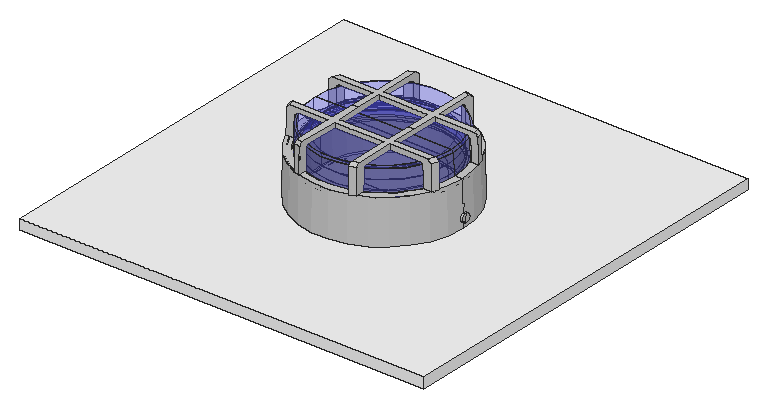
Revit family "BE_33502_de_DE", category Leuchten, Revit 2015
Parameters (values of type "BEGA_33502_Grafit_K3")
  built-in parameter 1150104 = 9.0274 (stored number, unit not read)
  Wattage = 5.3 W
  Default Elevation = 0 mm
  built-in parameter 1150113 = 1 (stored number, unit not read)
  built-in parameter 1114218 = 1 (stored number, unit not read)
  Umgebungstemperatur = ""
  URL = "http://www.bega.de/produkt/33502"
  Typenkommentare = "© 2015 BEGA. Wir behalten uns das Recht vor, technische Änderungen ohne vorherige Ankündigung vorzunehmen."  # constant formula
  Type Image = 33502.png
  built-in parameter 1150134 = (empty or 0)
  built-in parameter 1150109 = 1 (stored number, unit not read)
  Strom = ""
  built-in parameter 1150110 = 1 (stored number, unit not read)
  Spannung = 0 V
  Sonderanfertigung = no
  Seriennummer [instance] = "Hier können Sie die eindeutige Seriennummer für das Facility Management eintragen."
  Schutzklasse = "I"
  Schutzart = "IP 65"
  Scheinlast = 0 VA
  Produktdatenblatt = "http://www.bega.de/download/datenblaetter/de/33502.pdf"
  Oberflächentemperatur = ""
  Neigungswinkel = 0.00°
  Modell = "33502"
  Material_11 = BEGA_Glas_opal
  Material_02 = BEGA_Oberfläche_Silber_matt
  Material_01 [instance] = BEGA_Oberfläche_Grafit_matt
  M_W = no
  M_G = yes
  M_A = no
  Logo = 0
  built-in parameter 1114217 = 1 (stored number, unit not read)
  built-in parameter 1150139 = (empty or 0)
  built-in parameter 1150105 = 40.982 (stored number, unit not read)
  built-in parameter 1150114 = 1 (stored number, unit not read)
  Lumens = 515.001 lm
  built-in parameter 1150115 = 1 (stored number, unit not read)
  Leuchtenlichtstrom = "191 lm"
  Leuchtenanzahl = ""
  Lebensdauerkriterien = "L70 = 50.000 h"
  Lastklassifizierung = Beleuchtung
  built-in parameter 1150112 = 1 (stored number, unit not read)
  Lampenlichtstrom = "515 lm"
  Lampe = "LED 5.3 W"
  LED_Modulbezeichnung = "LED-0337/830 "
  built-in parameter 1150142 = (empty or 0)
  Hersteller = "BEGA"  # constant formula
  Halbstreuwinkel = ""
  Gewicht = "1.1 kg"
  Gebrauchslageneinschränkung [instance] = ""
  Frequenz = "0/50-60 Hz"
  Farbwiedergabeindex = "Ra > 80"
  Farbtemperaturverschiebung bei Dämpfen der Lampe = <Keine Auswahl>
  Farbtemperatur = "3000 K"
  Color Filter = 16777215
  built-in parameter 1150133 = 10 (stored number, unit not read)
  Energieeffizienzklasse = "LED A++ - A"
  built-in parameter 1150137 = (empty or 0)
  built-in parameter 1150132 = (empty or 0)
  ENEC = ""
  Dimmbar [instance] = ""
  Datei für fotometrisches Netz = "BE_33502.IES"
  CE_Konformität = "ja"
  Bestellnummer = "33502"
  Beschreibung_Sonderanfertigung = "Hier können Sie Informationen zur Sonderanfertigung eintragen."
  Beschreibung = "Decken- und Wandleuchte"
  built-in parameter 1150106 = 0.40982 (stored number, unit not read)
  Befestigungsbohrung = "Ø 4,5 mm"
  Befestigungsabstand = "110 mm"
  Ballwurfsicher = ""
  BEGA_Intern_aus = yes
  BEGA_Intern_an = yes
  BEGA_Intern_Konstruktion = yes
  BEGA_Intern = yes
  BEGA_IES = yes
  BEGA_Dummy = no
  Anschlussleistung [instance] = "7.3 W"
  built-in parameter 1150107 = 3000 (stored number, unit not read)
  built-in parameter 1150102 = (empty or 0)
  built-in parameter 1150138 = (empty or 0)
  Aktualisierung = "2016-01-15T04:08:54"
  Abstand_zur_angestrahlten_Fläche [instance] = ""
  AC/DC = "AC/DC"
Types (5, lengths in mm): name | built-in parameter 1150104 | built-in parameter 1150134 | Modell | M_G | M_A | built-in parameter 1150105 | Lumens | Leuchtenlichtstrom | Lampenlichtstrom | LED_Modulbezeichnung | Farbtemperatur | Datei für fotometrisches Netz | Bestellnummer | built-in parameter 1150106 | built-in parameter 1150107
  (no name) | 9.0274 (stored number, unit not read) | (empty or 0) | "33502" | yes | no | 40.982 (stored number, unit not read) | 515.001 lm | "191 lm" | "515 lm" | "LED-0337/830 " | "3000 K" | "BE_33502.IES" | "33502" | 0.40982 (stored number, unit not read) | 3000 (stored number, unit not read)
  BEGA_33502_Silber_K4 | 9.202 (stored number, unit not read) | 12 | "33502AK4" | no | yes | 41.775 (stored number, unit not read) | 524.965 lm | "194 lm" | "525 lm" | "LED-0337/840 " | "4000 K" | "BE_33502K4.IES" | "33502AK4" | 0.41775 (stored number, unit not read) | 4000 (stored number, unit not read)
  BEGA_33502_Silber_K3 | 9.0274 (stored number, unit not read) | (empty or 0) | "33502A" | no | yes | 40.982 (stored number, unit not read) | 515.001 lm | "191 lm" | "515 lm" | "LED-0337/830 " | "3000 K" | "BE_33502.IES" | "33502A" | 0.40982 (stored number, unit not read) | 3000 (stored number, unit not read)
  BEGA_33502_Grafit_K3 | 9.0274 (stored number, unit not read) | (empty or 0) | "33502" | yes | no | 40.982 (stored number, unit not read) | 515.001 lm | "191 lm" | "515 lm" | "LED-0337/830 " | "3000 K" | "BE_33502.IES" | "33502" | 0.40982 (stored number, unit not read) | 3000 (stored number, unit not read)
  BEGA_33502_Grafit_K4 | 9.202 (stored number, unit not read) | 12 | "33502K4" | yes | no | 41.775 (stored number, unit not read) | 524.965 lm | "194 lm" | "525 lm" | "LED-0337/840 " | "4000 K" | "BE_33502K4.IES" | "33502K4" | 0.41775 (stored number, unit not read) | 4000 (stored number, unit not read)
Reference planes
  plane 1 "Mitte (Vorne/Hinten)": y = 0
  plane 2: z = 0
  plane 3 "Mitte (Links/Rechts)": x = 0
  plane 4 "Links": x = -78.963
  plane 5 "Rechts": x = 78.968
  plane 6 "Unten": y = -78.96
  plane 7 "Oben": y = 78.959
  plane 8 "Vorne": z = 72.4
Forms (mm)
  Extrusion 1, solid, material "BEGA_Platte_Weiss"
    sketch origin (0, -1119.2, 0) x (1, 0, 0) y (0, 1, 0)
      loop
        line (-200, 1319.2) -> (-200, 919.2) -> (200, 919.2) -> (200, 1319.2) -> (-200, 1319.2)
    from 0 to -10
  Extrusion 2, solid, material "BEGA_Dummy_matt", visible <- "BEGA_Dummy"
    sketch origin (77.149, -76.023, 0) x (1, 0, 0) y (0, 1, 0)
      loop
        circle (-77.149, 76.023) r 80
    from 0 to 72.4
Dimensions and locks
  plane 1 "Mitte (Vorne/Hinten)" to Extrusion 1 = 200 mm
  aligned and locked: plane 2 to Extrusion 1
  aligned and locked: level to Extrusion 1
Nested families
  nested 1: "BE_33502" at (0, 0, 0), type "BE_33502"
Connectors
  electrical at (0, 0, 0), driven by "Lastklassifizierung", driven by "Spannung", driven by "Scheinlast"
    settings: index 1, voltage 0 V, apparent load 0 VA, apparent load phase1 0 VA, apparent load phase2 0 VA, apparent load phase3 0 VA, power factor 1, load classification "Beleuchtung", number of poles 1, system type 31, power factor state 1, is connector primary yes, connector utility no, sub classification motor no, connector description ""
Definition of nested family "BE_33502"
  Parameters (values of type "BE_33502")
    Default Elevation = 1 mm
    URL = "http://www.bega.de/de/produkt"
    Type Comments = "© 2015 BEGA. Wir behalten uns das Recht vor, technische Änderungen ohne vorherige Ankündigung vorzunehmen. "  # constant formula
    Type Image = (empty or 0)
    Material_17 = none
    Material_15 = none
    Material_11 = none
    Material_09 = none
    Material_06 = none
    Material_03 = none
    Material_02 = none
    Material_01 = none
    M_W = yes
    M_G = yes
    M_A = yes
    Länge_Platte = 200 mm  # constant formula
    Höhe_Platte = -10 mm  # constant formula
    Manufacturer = "BEGA"  # constant formula
    Breite_Platte = 200 mm  # constant formula
  Reference planes
    plane 1 "Mitte (Oben/Unten)": y = 0
    plane 2: z = 0
    plane 3 "Mitte (Links/Rechts)": x = 0
    plane 4 "Vorne": z = 72.4
    plane 5 "Hinten": z = 0
    plane 6 "Links": x = -78.963
    plane 7 "Rechts": x = 78.968
    plane 8 "Oben": y = 78.959
    plane 9 "Unten": y = -78.96
  Forms (mm)
    Extrusion 1, solid, detail levels medium
      sketch origin (0, 0, 0) x (1, 0, 0) y (0, 1, 0)
        loop
          line (-100, 100) -> (-100, -100) -> (100, -100) -> (100, 100) -> (-100, 100)
      from 0 to -10 <- "Höhe_Platte"
    Revolve 2, solid, material <- "Material_01", visible <- "M_G", detail levels medium+fine
      sketch origin (0, 0, 0) x (1, 0, 0) y (0, 0, 1)
        loop
          line (-75.295, 36) -> (-75.4, 33) -> (-75.288, 29.778) -> (-65.994, 29.778) -> (-65.214, 0) -> (-62.5, 0) -> (-62.402, 3.726)
          arc (-62.402, 3.726) -> (-62.101, 4.416) -> (-61.403, 4.7) r 1
          line (-61.403, 4.7) -> (0, 4.7) -> (0, 7.4) -> (-61.526, 7.4)
          arc (-61.526, 7.4) -> (-62.224, 7.684) -> (-62.526, 8.374) r 1
          line (-62.526, 8.374) -> (-63.197, 34) -> (-65.5, 34) -> (-65.57, 36) -> (-75.295, 36)
        axis (0, 0) -> (0, 36)
      angle from 0 to 360
    Extrusion 3, void
      sketch origin (0, 0, 0) x (1, 0, 0) y (0, 1, 0)
        loop
          circle (0, 58.6) r 2.25
        loop
          circle (0, -58.565) r 2.25
        loop
          circle (38.233, 11.839) r 7.5
        loop
          circle (38.233, -11.839) r 7.5
      from 0 to 11.5
    Revolve 4, solid, material <- "Material_01"
      sketch origin (0, 0, 0) x (1, 0, 0) y (0, 0, 1)
        loop
          line (-78.2, 45) -> (-78.959, 1.5) -> (-76.514, 1.5) -> (-75.79, 43) -> (-72.482, 43) -> (-70.772, 43.987) -> (-70.755, 45) -> (-78.2, 45)
        axis (0, 1.5) -> (0, 45)
      angle from 0 to 360
    Revolve 5, solid, material <- "Material_01"
      sketch origin (0, 0, 0) x (1, 0, 0) y (0, 0, 1)
        loop
          line (-77.771, 69.554) -> (-78.2, 45) -> (-70.755, 45) -> (-70.392, 65.77) -> (-68.262, 67.9) -> (0, 67.9) -> (0, 72.4) -> (-74.731, 72.4)
          arc (-74.731, 72.4) -> (-76.252, 70.978) -> (-77.771, 69.554) r 1590.36
        axis (0, 72.4) -> (0, 45)
      angle from 0 to 360
    Extrusion 6, void
      sketch origin (0, 0, 0) x (1, 0, 0) y (0, 1, 0)
        loop
          line (-30.618, 84.217) -> (-83.104, 30.618) -> (-30.618, 30.618) -> (-30.618, 84.217)
        loop
          line (-24.382, 84.217) -> (-24.382, 30.618) -> (24.382, 30.618) -> (24.382, 84.217) -> (-24.382, 84.217)
        loop
          line (-88.19, -24.382) -> (-30.618, -24.382) -> (-30.618, 24.382) -> (-88.19, 24.382) -> (-88.19, -24.382)
        loop
          line (-24.382, 24.382) -> (-24.382, -24.382) -> (24.382, -24.382) -> (24.382, 24.382) -> (-24.382, 24.382)
        loop
          line (30.618, 84.217) -> (30.618, 30.618) -> (83.104, 30.618) -> (30.618, 84.217)
        loop
          line (88.19, -24.382) -> (88.19, 24.382) -> (30.618, 24.382) -> (30.618, -24.382) -> (88.19, -24.382)
        loop
          line (-30.618, -84.183) -> (-30.618, -30.618) -> (-83.104, -30.618) -> (-30.618, -84.183)
        loop
          line (-24.382, -84.183) -> (24.382, -84.183) -> (24.382, -30.618) -> (-24.382, -30.618) -> (-24.382, -84.183)
        loop
          line (30.618, -84.183) -> (83.104, -30.618) -> (30.618, -30.618) -> (30.618, -84.183)
      from 45 to 72.4
    Revolve 7, solid, material <- "Material_11", detail levels medium+fine
      sketch origin (0, 0, 0) x (1, 0, 0) y (0, 0, 1)
        loop
          line (-64, 38) -> (-64, 43) -> (-63.509, 52.366)
          arc (-63.509, 52.366) -> (-61.337, 57.078) -> (-56.519, 59) r 7
          line (-56.519, 59) -> (0, 59) -> (0, 67) -> (-67.362, 67) -> (-69.227, 65.135) -> (-69.966, 43.966)
          arc (-69.966, 43.966) -> (-70.271, 43.281) -> (-70.966, 43) r 1
          line (-70.966, 43) -> (-74.25, 43)
          arc (-74.25, 43) -> (-74.604, 42.854) -> (-74.75, 42.5) r 0.5
          line (-74.75, 42.5) -> (-74.75, 38.5)
          arc (-74.75, 38.5) -> (-74.604, 38.146) -> (-74.25, 38) r 0.5
          line (-74.25, 38) -> (-64, 38)
        axis (0, 67) -> (0, 38)
      angle from 0 to 360
    Revolve 8, solid, material <- "Material_06", detail levels fine
      sketch origin (0, 0, 0) x (1, 0, 0) y (0, 0, 1)
        loop
          line (78.95, 11.5) -> (81.45, 11.5) -> (81.45, 15.5) -> (78.95, 15.5) -> (78.95, 11.5)
        axis (78.95, 11.5) -> (81.45, 11.5)
      angle from 0 to 360
    Revolve 9, solid, material <- "Material_02", visible <- "M_A", detail levels medium+fine
      sketch origin (0, 0, 0) x (1, 0, 0) y (0, 0, 1)
        loop
          line (-75.295, 36) -> (-75.4, 33) -> (-75.288, 29.778) -> (-65.994, 29.778) -> (-65.214, 0) -> (-62.5, 0) -> (-62.402, 3.726)
          arc (-62.402, 3.726) -> (-62.101, 4.416) -> (-61.403, 4.7) r 1
          line (-61.403, 4.7) -> (0, 4.7) -> (0, 7.4) -> (-61.526, 7.4)
          arc (-61.526, 7.4) -> (-62.224, 7.684) -> (-62.526, 8.374) r 1
          line (-62.526, 8.374) -> (-63.197, 34) -> (-65.5, 34) -> (-65.57, 36) -> (-75.295, 36)
        axis (0, 0) -> (0, 36)
      angle from 0 to 360
    Extrusion 10, void
      sketch origin (0, 0, 0) x (1, 0, 0) y (0, 1, 0)
        loop
          circle (0, 58.6) r 2.25
        loop
          circle (0, -58.565) r 2.25
        loop
          circle (38.233, 11.839) r 7.5
        loop
          circle (38.233, -11.839) r 7.5
      from 0 to 11.5
    Revolve 11, solid, material <- "Material_02"
      sketch origin (0, 0, 0) x (1, 0, 0) y (0, 0, 1)
        loop
          line (-78.2, 45) -> (-78.959, 1.5) -> (-76.514, 1.5) -> (-75.79, 43) -> (-72.482, 43) -> (-70.772, 43.987) -> (-70.755, 45) -> (-78.2, 45)
        axis (0, 1.5) -> (0, 45)
      angle from 0 to 360
    Revolve 12, solid, material <- "Material_02"
      sketch origin (0, 0, 0) x (1, 0, 0) y (0, 0, 1)
        loop
          line (-77.771, 69.554) -> (-78.2, 45) -> (-70.755, 45) -> (-70.392, 65.77) -> (-68.262, 67.9) -> (0, 67.9) -> (0, 72.4) -> (-74.731, 72.4)
          arc (-74.731, 72.4) -> (-76.252, 70.978) -> (-77.771, 69.554) r 1590.36
        axis (0, 72.4) -> (0, 45)
      angle from 0 to 360
  Cuts and joins
    Extrusion 3, Extrusion 10 cuts Revolve 2
    Extrusion 6 cuts Revolve 5
    joined: Revolve 4, Revolve 5
    Extrusion 10 cuts Revolve 9
    Extrusion 6 cuts Revolve 12
    joined: Revolve 11, Revolve 12
  Dimensions and locks
    equal spacing: Extrusion 1 sketch curve, plane 3 "Mitte (Links/Rechts)", Extrusion 1 sketch curve
    equal spacing: Extrusion 1 sketch curve, plane 1 "Mitte (Oben/Unten)", Extrusion 1 sketch curve
    "Länge_Platte": Extrusion 1 sketch curve to Extrusion 1 sketch curve
    "Breite_Platte": Extrusion 1 sketch curve to Extrusion 1 sketch curve
    aligned and locked: plane 2 to Extrusion 1
    aligned and locked: level to Extrusion 1
  Automatic sketch dimensions
    Revolve 2 sketch curve to level = 0 mm
    Revolve 2 sketch curve to plane 3 "Mitte (Links/Rechts)" = 0 mm  (x2)
    level to Revolve 2 sketch curve = 4.7 mm
    plane 6 "Links" to Revolve 2 sketch curve = 17.56 mm
    Revolve 2 sketch curve to Revolve 2 sketch curve = 0.123 mm
    Revolve 2 sketch curve to Revolve 2 sketch curve = 1.097 mm
    plane 6 "Links" to Revolve 2 sketch curve = 15.766 mm
    Revolve 2 sketch curve to Revolve 2 sketch curve = 2.714 mm
    Revolve 2 sketch curve to Revolve 2 sketch curve = 2.303 mm
    Revolve 2 sketch curve to Revolve 2 sketch curve = 0.07 mm
    Revolve 2 sketch curve to Revolve 2 sketch curve = 0.494 mm
    plane 6 "Links" to Revolve 2 sketch curve = 3.675 mm
    plane 6 "Links" to Revolve 2 sketch curve = 3.667 mm
    Revolve 2 sketch curve to Revolve 2 sketch curve = 0.105 mm
    Revolve 2 sketch curve to Revolve 2 sketch curve = 1 mm  (x4)
    Revolve 2 sketch curve to Revolve 2 sketch curve = 2.7 mm
    Revolve 2 sketch curve to Revolve 2 sketch curve = 21.378 mm
    Revolve 2 sketch curve to Revolve 2 sketch curve = 0 mm  (x5)
    Revolve 2 sketch curve to Revolve 2 sketch curve = 3.222 mm
    Revolve 2 sketch curve to Revolve 2 sketch curve = 4.222 mm
    Revolve 2 sketch curve to Revolve 2 sketch curve = 2 mm
    level to Revolve 2 sketch curve = 3.726 mm
    Revolve 2 sketch curve to Revolve 2 sketch curve = 19.225 mm
    Extrusion 3 sketch curve to plane 3 "Mitte (Links/Rechts)" = 0 mm  (x2)
    plane 1 "Mitte (Oben/Unten)" to Extrusion 3 sketch curve = 11.839 mm
    plane 3 "Mitte (Links/Rechts)" to Extrusion 3 sketch curve = 38.233 mm
    Extrusion 3 sketch curve to plane 1 "Mitte (Oben/Unten)" = 11.839 mm
    Extrusion 3 sketch curve to Extrusion 3 sketch curve = 0 mm
    plane 9 "Unten" to Extrusion 3 sketch curve = 20.395 mm
    Extrusion 3 sketch curve to plane 8 "Oben" = 20.359 mm
    Revolve 4 sketch curve to plane 3 "Mitte (Links/Rechts)" = 0 mm
    plane 6 "Links" to Revolve 4 sketch curve = 8.208 mm
    Revolve 4 sketch curve to Revolve 4 sketch curve = 0.018 mm
    Revolve 4 sketch curve to Revolve 4 sketch curve = 1.71 mm
    plane 6 "Links" to Revolve 4 sketch curve = 3.173 mm
    plane 6 "Links" to Revolve 4 sketch curve = 2.449 mm
    plane 6 "Links" to Revolve 4 sketch curve = 0.763 mm
    plane 6 "Links" to Revolve 4 sketch curve = 0.003 mm
    level to Revolve 4 sketch curve = 1.5 mm
    Revolve 4 sketch curve to plane 4 "Vorne" = 29.4 mm
    Revolve 4 sketch curve to Revolve 4 sketch curve = 0.987 mm
    Revolve 4 sketch curve to Revolve 4 sketch curve = 1.013 mm
    Revolve 4 sketch curve to level = 3.5 mm
    Revolve 4 sketch curve to plane 4 "Vorne" = 25.9 mm
    Revolve 5 sketch curve to plane 4 "Vorne" = 0 mm  (x2)
    Revolve 5 sketch curve to plane 3 "Mitte (Links/Rechts)" = 0 mm  (x2)
    Revolve 5 sketch curve to plane 4 "Vorne" = 4.5 mm
    plane 6 "Links" to Revolve 5 sketch curve = 10.701 mm
    Revolve 5 sketch curve to Revolve 5 sketch curve = 2.13 mm  (x2)
    plane 6 "Links" to Revolve 5 sketch curve = 8.208 mm
    plane 6 "Links" to Revolve 5 sketch curve = 4.231 mm
    plane 6 "Links" to Revolve 5 sketch curve = 1.191 mm
    plane 6 "Links" to Revolve 5 sketch curve = 0.763 mm
    plane 7 "Rechts" to Revolve 5 sketch curve = 931.727 mm
    Revolve 5 sketch curve to Revolve 5 sketch curve = 20.77 mm
    Revolve 5 sketch curve to level = 1089.965 mm
    Revolve 5 sketch curve to Revolve 5 sketch curve = 20.5 mm
    Extrusion 6 sketch curve to plane 6 "Links" = 9.228 mm
    Extrusion 6 sketch curve to plane 6 "Links" = 4.141 mm  (x2)
    Extrusion 6 sketch curve to plane 3 "Mitte (Links/Rechts)" = 30.618 mm
    Extrusion 6 sketch curve to Extrusion 6 sketch curve = 0 mm  (x7)
    Extrusion 6 sketch curve to Extrusion 6 sketch curve = 6.236 mm  (x11)
    plane 8 "Oben" to Extrusion 6 sketch curve = 5.259 mm  (x3)
    plane 3 "Mitte (Links/Rechts)" to Extrusion 6 sketch curve = 24.382 mm  (x2)
    Extrusion 6 sketch curve to plane 9 "Unten" = 5.223 mm  (x3)
    plane 7 "Rechts" to Extrusion 6 sketch curve = 4.136 mm  (x2)
    Extrusion 6 sketch curve to Extrusion 6 sketch curve = 5.087 mm
    plane 1 "Mitte (Oben/Unten)" to Extrusion 6 sketch curve = 30.618 mm
    Extrusion 6 sketch curve to plane 1 "Mitte (Oben/Unten)" = 24.382 mm  (x2)
    Revolve 7 sketch curve to plane 3 "Mitte (Links/Rechts)" = 0 mm  (x2)
    plane 6 "Links" to Revolve 7 sketch curve = 22.444 mm
    Revolve 7 sketch curve to Revolve 7 sketch curve = 7.481 mm
    Revolve 7 sketch curve to plane 4 "Vorne" = 5.4 mm
    plane 6 "Links" to Revolve 7 sketch curve = 11.601 mm
    Revolve 7 sketch curve to Revolve 7 sketch curve = 1.865 mm  (x2)
    Revolve 7 sketch curve to Revolve 7 sketch curve = 5.966 mm
    Revolve 7 sketch curve to Revolve 7 sketch curve = 0.999 mm
    plane 6 "Links" to Revolve 7 sketch curve = 4.713 mm
    Revolve 7 sketch curve to Revolve 7 sketch curve = 3.284 mm
    Revolve 7 sketch curve to Revolve 7 sketch curve = 0.5 mm
    Revolve 7 sketch curve to Revolve 7 sketch curve = 8 mm  (x2)
    Revolve 7 sketch curve to Revolve 7 sketch curve = 7 mm
    Revolve 7 sketch curve to Revolve 7 sketch curve = 0.034 mm
    Revolve 7 sketch curve to Revolve 7 sketch curve = 0.966 mm
    Revolve 7 sketch curve to Revolve 7 sketch curve = 4 mm
    Revolve 7 sketch curve to Revolve 7 sketch curve = 0 mm  (x6)
    Revolve 7 sketch curve to Revolve 7 sketch curve = 6.99 mm
    Revolve 7 sketch curve to Revolve 7 sketch curve = 3.7 mm
    Revolve 8 sketch curve to plane 7 "Rechts" = 0.018 mm
    plane 7 "Rechts" to Revolve 8 sketch curve = 2.482 mm
    level to Revolve 8 sketch curve = 11.5 mm
    Revolve 8 sketch curve to Revolve 8 sketch curve = 4 mm
    Revolve 8 sketch curve to Revolve 8 sketch curve = 0 mm  (x2)
    Revolve 8 sketch curve to Revolve 8 sketch curve = 1.248 mm
    Revolve 9 sketch curve to level = 0 mm
    Revolve 9 sketch curve to plane 3 "Mitte (Links/Rechts)" = 0 mm  (x2)
    level to Revolve 9 sketch curve = 4.7 mm
    plane 6 "Links" to Revolve 9 sketch curve = 17.56 mm
    Revolve 9 sketch curve to Revolve 9 sketch curve = 0.123 mm
    Revolve 9 sketch curve to Revolve 9 sketch curve = 1.097 mm
    plane 6 "Links" to Revolve 9 sketch curve = 15.766 mm
    Revolve 9 sketch curve to Revolve 9 sketch curve = 2.714 mm
    Revolve 9 sketch curve to Revolve 9 sketch curve = 2.303 mm
    Revolve 9 sketch curve to Revolve 9 sketch curve = 0.07 mm
    Revolve 9 sketch curve to Revolve 9 sketch curve = 0.494 mm
    plane 6 "Links" to Revolve 9 sketch curve = 3.675 mm
    plane 6 "Links" to Revolve 9 sketch curve = 3.667 mm
    Revolve 9 sketch curve to Revolve 9 sketch curve = 0.105 mm
    Revolve 9 sketch curve to Revolve 9 sketch curve = 1 mm  (x4)
    Revolve 9 sketch curve to Revolve 9 sketch curve = 2.7 mm
    Revolve 9 sketch curve to Revolve 9 sketch curve = 21.378 mm
    Revolve 9 sketch curve to Revolve 9 sketch curve = 0 mm  (x5)
    Revolve 9 sketch curve to Revolve 9 sketch curve = 3.222 mm
    Revolve 9 sketch curve to Revolve 9 sketch curve = 4.222 mm
    Revolve 9 sketch curve to Revolve 9 sketch curve = 2 mm
    level to Revolve 9 sketch curve = 3.726 mm
    Revolve 9 sketch curve to Revolve 9 sketch curve = 19.225 mm
    Extrusion 10 sketch curve to plane 3 "Mitte (Links/Rechts)" = 0 mm  (x2)
    plane 1 "Mitte (Oben/Unten)" to Extrusion 10 sketch curve = 11.839 mm
    plane 3 "Mitte (Links/Rechts)" to Extrusion 10 sketch curve = 38.233 mm
    Extrusion 10 sketch curve to plane 1 "Mitte (Oben/Unten)" = 11.839 mm
    Extrusion 10 sketch curve to Extrusion 10 sketch curve = 0 mm
    plane 9 "Unten" to Extrusion 10 sketch curve = 20.395 mm
    Extrusion 10 sketch curve to plane 8 "Oben" = 20.359 mm
    Revolve 11 sketch curve to plane 3 "Mitte (Links/Rechts)" = 0 mm
    plane 6 "Links" to Revolve 11 sketch curve = 8.208 mm
    Revolve 11 sketch curve to Revolve 11 sketch curve = 0.018 mm
    Revolve 11 sketch curve to Revolve 11 sketch curve = 1.71 mm
    plane 6 "Links" to Revolve 11 sketch curve = 3.173 mm
    plane 6 "Links" to Revolve 11 sketch curve = 2.449 mm
    plane 6 "Links" to Revolve 11 sketch curve = 0.763 mm
    plane 6 "Links" to Revolve 11 sketch curve = 0.003 mm
    level to Revolve 11 sketch curve = 1.5 mm
    Revolve 11 sketch curve to plane 4 "Vorne" = 29.4 mm
    Revolve 11 sketch curve to Revolve 11 sketch curve = 0.987 mm
    Revolve 11 sketch curve to Revolve 11 sketch curve = 1.013 mm
    Revolve 11 sketch curve to level = 3.5 mm
    Revolve 11 sketch curve to plane 4 "Vorne" = 25.9 mm
    Revolve 12 sketch curve to plane 4 "Vorne" = 0 mm  (x2)
    Revolve 12 sketch curve to plane 3 "Mitte (Links/Rechts)" = 0 mm  (x2)
    Revolve 12 sketch curve to plane 4 "Vorne" = 4.5 mm
    plane 6 "Links" to Revolve 12 sketch curve = 10.701 mm
    Revolve 12 sketch curve to Revolve 12 sketch curve = 2.13 mm  (x2)
    plane 6 "Links" to Revolve 12 sketch curve = 8.208 mm
    plane 6 "Links" to Revolve 12 sketch curve = 4.231 mm
    plane 6 "Links" to Revolve 12 sketch curve = 1.191 mm
    plane 6 "Links" to Revolve 12 sketch curve = 0.763 mm
    plane 7 "Rechts" to Revolve 12 sketch curve = 931.727 mm
    Revolve 12 sketch curve to Revolve 12 sketch curve = 20.77 mm
    Revolve 12 sketch curve to level = 1089.965 mm
    Revolve 12 sketch curve to Revolve 12 sketch curve = 20.5 mm
    radius of Extrusion 3 sketch curve = 2.25 mm  (x2)
    radius of Extrusion 3 sketch curve = 7.5 mm  (x2)
    radius of Extrusion 10 sketch curve = 2.25 mm  (x2)
    radius of Extrusion 10 sketch curve = 7.5 mm  (x2)
